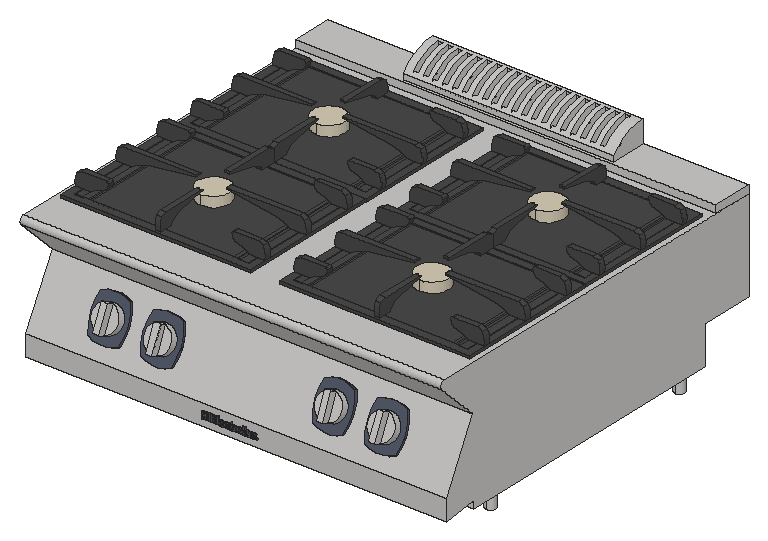
Revit family "QF_ELECTROLUXPROFESSIONAL_371167_E7GCGH4C0A", category Specialty Equipment, Revit 2018 (continued)
Definition of nested family "371009_BURNER"
  Reference planes
    plane 1 "BACK": y = 0
    plane 2: z = 0
    plane 3 "LEFT": x = 0
    plane 4 "RIGHT": x = 800
    plane 5 "FRONT": y = -700
    plane 6 "TOP": z = 908.85
    plane 7 "Center Y": x = 400
    plane 8 "Center X": y = -350
    plane 9 "Base": z = 150
    plane 10: z = 850.85
  Forms (mm)
    Extrusion 1, solid
      sketch origin (0, -734.127, 5) x (1, 0, 0) y (0, 0, -1)
        loop
          arc (7.142, -850.85) -> (6.739, -862.989) -> (9.761, -874.752) r 42.809
          line (9.761, -874.752) -> (19.961, -879.425) -> (157.339, -879.425)
          arc (157.339, -879.425) -> (158.533, -878.312) -> (157.506, -877.043) r 1.197
          line (157.506, -877.043) -> (64.848, -864.021)
          arc (64.848, -864.021) -> (50.111, -858.738) -> (36.589, -850.85) r 85.245
          line (36.589, -850.85) -> (7.142, -850.85)
        loop
          line (367.858, -850.85) -> (338.411, -850.85)
          arc (338.411, -850.85) -> (324.889, -858.738) -> (310.152, -864.021) r 85.245
          line (310.152, -864.021) -> (217.494, -877.043)
          arc (217.494, -877.043) -> (216.467, -878.312) -> (217.661, -879.425) r 1.197
          line (217.661, -879.425) -> (355.039, -879.425) -> (365.239, -874.752)
          arc (365.239, -874.752) -> (368.261, -862.989) -> (367.858, -850.85) r 42.809
      from 224.564 to 234.564
    Extrusion 2, solid
      sketch origin (0, -734.127, 5) x (1, 0, 0) y (0, 0, -1)
        loop
          arc (7.056, -850.85) -> (6.705, -862.948) -> (9.748, -874.663) r 42.876
          line (9.748, -874.663) -> (19.961, -879.425) -> (65.851, -879.425)
          arc (65.851, -879.425) -> (68.577, -878.352) -> (69.841, -875.709) r 4
          arc (69.841, -875.709) -> (68.75, -869.25) -> (64.816, -864.012) r 13.87
          arc (64.816, -864.012) -> (50.096, -858.731) -> (36.589, -850.85) r 85.245
          line (36.589, -850.85) -> (7.056, -850.85)
        loop
          line (367.944, -850.85) -> (338.411, -850.85)
          arc (338.411, -850.85) -> (324.904, -858.731) -> (310.184, -864.012) r 85.245
          arc (310.184, -864.012) -> (306.25, -869.25) -> (305.159, -875.709) r 13.87
          arc (305.159, -875.709) -> (306.423, -878.352) -> (309.149, -879.425) r 4
          line (309.149, -879.425) -> (355.039, -879.425) -> (365.252, -874.663)
          arc (365.252, -874.663) -> (368.295, -862.948) -> (367.944, -850.85) r 42.876
      from 127.064 to 137.064
    Extrusion 3, solid
      sketch origin (0, -275, 5) x (1, 0, 0) y (0, 0, 1)
        loop
          arc (64.816, 864.012) -> (68.75, 869.25) -> (69.841, 875.709) r 13.87
          arc (69.841, 875.709) -> (68.577, 878.352) -> (65.851, 879.425) r 4
          line (65.851, 879.425) -> (19.961, 879.425) -> (9.748, 874.663)
          arc (9.748, 874.663) -> (6.705, 862.948) -> (7.056, 850.85) r 42.876
          line (7.056, 850.85) -> (36.589, 850.85)
          arc (36.589, 850.85) -> (50.096, 858.731) -> (64.816, 864.012) r 85.245
        loop
          arc (310.184, 864.012) -> (324.904, 858.731) -> (338.411, 850.85) r 85.245
          line (338.411, 850.85) -> (367.944, 850.85)
          arc (367.944, 850.85) -> (368.295, 862.948) -> (365.252, 874.663) r 42.876
          line (365.252, 874.663) -> (355.039, 879.425) -> (309.149, 879.425)
          arc (309.149, 879.425) -> (306.423, 878.352) -> (305.159, 875.709) r 4
          arc (305.159, 875.709) -> (306.25, 869.25) -> (310.184, 864.012) r 13.87
      from 127.064 to 137.064
    Extrusion 4, solid
      sketch origin (454.964, -29.48, 5) x (0, -1, 0) y (0, 0, 1)
        loop
          arc (366.649, 850.85) -> (375.927, 861.743) -> (389.337, 866.736) r 28.426
          line (389.337, 866.736) -> (441.256, 877.043)
          arc (441.256, 877.043) -> (442.283, 878.312) -> (441.089, 879.425) r 1.197
          line (441.089, 879.425) -> (347.797, 879.425)
          arc (347.797, 879.425) -> (343.211, 875.934) -> (337.583, 874.694) r 13.39
          line (337.583, 874.694) -> (337.583, 850.85) -> (366.649, 850.85)
        loop
          arc (606.236, 850.85) -> (606.587, 862.948) -> (603.543, 874.663) r 42.876
          line (603.543, 874.663) -> (593.33, 879.425) -> (509.077, 879.425)
          arc (509.077, 879.425) -> (507.883, 878.312) -> (508.911, 877.043) r 1.197
          line (508.911, 877.043) -> (560.83, 866.736)
          arc (560.83, 866.736) -> (574.239, 861.743) -> (583.518, 850.85) r 28.426
          line (583.518, 850.85) -> (606.236, 850.85)
      from 262.464 to 272.464
    Extrusion 5, solid
      sketch origin (0, 0, 850.85) x (0, -1, 0) y (1, 0, 0)
        loop
          line (642.216, 6.433) -> (642.216, 368.567) -> (367.857, 368.567) -> (367.857, 6.433) -> (642.216, 6.433)
        loop
          line (382.857, 21.433) -> (627.216, 21.433) -> (627.216, 353.567) -> (382.857, 353.567) -> (382.857, 21.433)
      from 0 to 5
    Extrusion 6, solid
      sketch origin (-12.5, 0, 855.85) x (0, -1, 0) y (1, 0, 0)
        loop
          circle (504.356, 200) r 30
      from -1.321 to 17.134
    Extrusion 7, solid
      sketch origin (0, -734.127, 0) x (1, 0, 0) y (0, 0, -1)
        loop
          line (21.433, -855.85) -> (36.589, -855.85)
          arc (36.589, -855.85) -> (40.561, -855.243) -> (44.305, -853.783) r 18.259
          arc (44.305, -853.783) -> (45.997, -853.366) -> (47.69, -853.783) r 3.649
          arc (47.69, -853.783) -> (49.901, -854.522) -> (52.232, -854.529) r 7.328
          line (52.232, -854.529) -> (322.768, -854.529)
          arc (322.768, -854.529) -> (325.099, -854.522) -> (327.31, -853.783) r 7.328
          arc (327.31, -853.783) -> (329.003, -853.366) -> (330.695, -853.783) r 3.649
          arc (330.695, -853.783) -> (334.439, -855.243) -> (338.411, -855.85) r 18.259
          line (338.411, -855.85) -> (353.567, -855.85) -> (353.567, -850.85) -> (21.433, -850.85) -> (21.433, -855.85)
      from 106.911 to 351.27
  Lines and regions (mm)
    symbolic lines
      curve 1: line (6.433, -642.216, 150) -> (368.567, -642.216, 150)
      curve 2: line (6.433, -367.857, 150) -> (6.433, -642.216, 150)
      curve 3: line (368.567, -367.857, 150) -> (192.5, -367.857, 150)
      curve 4: line (368.567, -642.216, 150) -> (368.567, -367.857, 150)
      curve 5: line (353.567, -382.857, 150) -> (192.5, -382.857, 150)
      curve 6: line (353.567, -627.216, 150) -> (353.567, -607.064, 150)
      curve 7: line (21.433, -627.216, 150) -> (182.5, -627.216, 150)
      curve 8: line (21.433, -382.857, 150) -> (21.433, -402.064, 150)
      curve 9: line (52.232, -627.216, 150) -> (52.232, -607.064, 150)
      curve 10: line (322.567, -382.857, 150) -> (322.567, -402.064, 150)
      curve 11: line (148.125, -499.564, 150) -> (148.125, -382.857, 150)
      curve 12: line (154.375, -382.857, 150) -> (154.375, -499.564, 150)
      curve 13: arc (148.297, -509.564, 150) -> (159.191, -533.254, 150) -> (182.5, -544.942, 150) r 39.375
      curve 14: arc (220.42, -509.564, 150) -> (211.39, -528.832, 150) -> (192.5, -538.631, 150) r 33.125
      curve 15: line (220.625, -382.857, 150) -> (220.625, -499.564, 150)
      curve 16: line (226.875, -499.564, 150) -> (226.875, -382.857, 150)
      curve 17: line (192.5, -636.339, 150) -> (192.5, -535.619, 150)
      curve 18: arc (182.657, -474.75, 150) -> (166.195, -483.236, 150) -> (157.853, -499.771, 150) r 30
      curve 19: arc (192.224, -533.982, 150) -> (208.621, -525.661, 150) -> (217.084, -509.337, 150) r 30
      curve 20: line (368.567, -597.064, 150) -> (305.159, -597.064, 150)
      curve 21: line (6.433, -607.064, 150) -> (69.841, -607.064, 150)
      curve 22: line (6.433, -509.564, 150) -> (156.429, -509.564, 150)
      curve 23: line (368.567, -499.564, 150) -> (218.571, -499.564, 150)
      curve 24: line (6.433, -412.064, 150) -> (69.841, -412.064, 150)
      curve 25: line (368.567, -402.064, 150) -> (305.159, -402.064, 150)
      curve 26: line (69.841, -597.064, 150) -> (6.433, -597.064, 150)
      curve 27: line (305.159, -607.064, 150) -> (368.567, -607.064, 150)
      curve 28: line (69.841, -402.064, 150) -> (6.433, -402.064, 150)
      curve 29: line (305.159, -412.064, 150) -> (368.567, -412.064, 150)
      curve 30: arc (69.841, -597.064, 150) -> (74.841, -602.064, 150) -> (69.841, -607.064, 150) r 5
      curve 31: arc (305.159, -607.064, 150) -> (300.159, -602.064, 150) -> (305.159, -597.064, 150) r 5
      curve 32: arc (69.841, -402.064, 150) -> (74.841, -407.064, 150) -> (69.841, -412.064, 150) r 5
      curve 33: arc (305.159, -412.064, 150) -> (300.159, -407.064, 150) -> (305.159, -402.064, 150) r 5
      curve 34: line (21.433, -412.064, 150) -> (21.433, -499.564, 150)
      curve 35: line (52.232, -402.064, 150) -> (52.232, -382.857, 150)
      curve 36: line (21.433, -509.564, 150) -> (21.433, -597.064, 150)
      curve 37: line (52.232, -499.564, 150) -> (52.232, -412.064, 150)
      curve 38: line (52.232, -597.064, 150) -> (52.232, -509.564, 150)
      curve 39: line (21.433, -607.064, 150) -> (21.433, -627.216, 150)
      curve 40: line (322.567, -607.064, 150) -> (322.567, -627.216, 150)
      curve 41: line (353.567, -597.064, 150) -> (353.567, -509.564, 150)
      curve 42: line (322.567, -509.564, 150) -> (322.567, -597.064, 150)
      curve 43: line (353.567, -499.564, 150) -> (353.567, -412.064, 150)
      curve 44: line (353.567, -402.064, 150) -> (353.567, -382.857, 150)
      curve 45: line (322.567, -412.064, 150) -> (322.567, -499.564, 150)
      curve 46: line (156.429, -499.564, 150) -> (6.433, -499.564, 150)
      curve 47: line (218.571, -509.564, 150) -> (368.567, -509.564, 150)
      curve 48: arc (218.571, -499.564, 150) -> (213.571, -504.564, 150) -> (218.571, -509.564, 150) r 5
      curve 49: arc (156.429, -499.564, 150) -> (161.429, -504.564, 150) -> (156.429, -509.564, 150) r 5
      curve 50: arc (157.916, -509.337, 150) -> (166.379, -525.661, 150) -> (182.776, -533.982, 150) r 30
      curve 51: arc (217.147, -499.771, 150) -> (208.805, -483.236, 150) -> (192.343, -474.75, 150) r 30
      curve 52: line (182.5, -535.619, 150) -> (182.5, -636.339, 150)
      curve 53: line (192.5, -473.508, 150) -> (192.5, -367.064, 150)
      curve 54: arc (192.5, -535.619, 150) -> (187.5, -530.619, 150) -> (182.5, -535.619, 150) r 5
      curve 55: arc (192.5, -473.508, 150) -> (187.5, -478.508, 150) -> (182.5, -473.508, 150) r 5
      curve 56: line (182.5, -367.857, 150) -> (6.433, -367.857, 150)
      curve 57: line (182.5, -382.857, 150) -> (21.433, -382.857, 150)
      curve 58: arc (192.5, -404.571, 150) -> (196.398, -417.071, 150) -> (192.5, -429.571, 150) r 21.993
      curve 59: arc (196.181, -420.148, 150) -> (199.482, -417.071, 150) -> (196.181, -413.995, 150) r 3.084
      curve 60: arc (182.5, -404.571, 150) -> (178.602, -417.071, 150) -> (182.5, -429.571, 150) r 21.993
      curve 61: arc (178.819, -420.148, 150) -> (175.518, -417.071, 150) -> (178.819, -413.995, 150) r 3.084
      curve 62: line (182.5, -367.064, 150) -> (182.5, -473.508, 150)
      curve 63: arc (182.5, -538.631, 150) -> (163.61, -528.832, 150) -> (154.58, -509.564, 150) r 33.125
      curve 64: arc (192.5, -544.942, 150) -> (215.809, -533.254, 150) -> (226.703, -509.564, 150) r 39.375
      curve 65: line (182.5, -636.339, 150) -> (192.5, -636.339, 150)
      curve 66: line (182.5, -377.277, 150) -> (192.5, -377.277, 150)
      curve 67: line (182.5, -367.064, 150) -> (192.5, -367.064, 150)
      curve 68: line (192.5, -627.216, 150) -> (353.567, -627.216, 150)
  Dimensions and locks
    equal spacing: plane 3 "LEFT", plane 7 "Center Y", plane 4 "RIGHT"
    plane 3 "LEFT" to plane 4 "RIGHT" = 800 mm
    equal spacing: plane 5 "FRONT", plane 8 "Center X", plane 1 "BACK"
    plane 5 "FRONT" to plane 1 "BACK" = 700 mm
    plane 6 "TOP" to level = 908.85 mm
    plane 9 "Base" to level = 150 mm
    plane 6 "TOP" to plane 10 = 58 mm  (x2)
    aligned and locked: level to plane 2
  Automatic sketch dimensions
    Extrusion 5 sketch curve to Extrusion 5 sketch curve = 15 mm  (x2)
    Extrusion 5 sketch curve to Extrusion 5 sketch curve = 332.134 mm
    plane 3 "LEFT" to Extrusion 2 sketch curve = 7.056 mm
    plane 3 "LEFT" to Extrusion 2 sketch curve = 9.748 mm
    Extrusion 2 sketch curve to Extrusion 2 sketch curve = 10.213 mm  (x2)
    plane 10 to Extrusion 2 sketch curve = 5 mm  (x2)
    Extrusion 2 sketch curve to Extrusion 2 sketch curve = 29.533 mm
    Extrusion 2 sketch curve to Extrusion 2 sketch curve = 12.72 mm  (x2)
    Extrusion 2 sketch curve to Extrusion 2 sketch curve = 6.697 mm
    Extrusion 2 sketch curve to Extrusion 2 sketch curve = 8.81 mm
    Extrusion 2 sketch curve to Extrusion 2 sketch curve = 9.845 mm  (x2)
    Extrusion 2 sketch curve to Extrusion 2 sketch curve = 3.99 mm  (x2)
    Extrusion 2 sketch curve to Extrusion 2 sketch curve = 0 mm  (x2)
    Extrusion 2 sketch curve to Extrusion 2 sketch curve = 36.813 mm
    Extrusion 2 sketch curve to plane 7 "Center Y" = 111.122 mm
    Extrusion 2 sketch curve to plane 6 "TOP" = 28.141 mm
    Extrusion 2 sketch curve to plane 7 "Center Y" = 94.841 mm
    Extrusion 2 sketch curve to Extrusion 2 sketch curve = 1.035 mm
    Extrusion 2 sketch curve to Extrusion 2 sketch curve = 15.507 mm
    Extrusion 2 sketch curve to Extrusion 2 sketch curve = 16.628 mm
    Extrusion 2 sketch curve to Extrusion 2 sketch curve = 2.692 mm
    Extrusion 2 sketch curve to plane 6 "TOP" = 24.425 mm
    Extrusion 2 sketch curve to Extrusion 2 sketch curve = 28.575 mm
    Extrusion 2 sketch curve to Extrusion 2 sketch curve = 3.716 mm
    Extrusion 2 sketch curve to Extrusion 2 sketch curve = 4.763 mm  (x2)
    plane 3 "LEFT" to Extrusion 1 sketch curve = 7.142 mm
    plane 3 "LEFT" to Extrusion 1 sketch curve = 9.761 mm
    Extrusion 1 sketch curve to Extrusion 1 sketch curve = 10.201 mm  (x2)
    plane 10 to Extrusion 1 sketch curve = 5 mm  (x2)
    Extrusion 1 sketch curve to Extrusion 1 sketch curve = 29.447 mm
    Extrusion 1 sketch curve to Extrusion 1 sketch curve = 12.704 mm  (x2)
    Extrusion 1 sketch curve to Extrusion 1 sketch curve = 15.555 mm  (x2)
    Extrusion 1 sketch curve to Extrusion 1 sketch curve = 36.829 mm
    Extrusion 1 sketch curve to plane 6 "TOP" = 24.425 mm  (x2)
    Extrusion 1 sketch curve to Extrusion 1 sketch curve = 92.491 mm
    Extrusion 1 sketch curve to plane 6 "TOP" = 26.807 mm  (x2)
    Extrusion 1 sketch curve to Extrusion 1 sketch curve = 0.167 mm  (x2)
    Extrusion 1 sketch curve to Extrusion 1 sketch curve = 59.988 mm
    Extrusion 1 sketch curve to plane 7 "Center Y" = 111.122 mm
    plane 10 to Extrusion 1 sketch curve = 18.171 mm
    Extrusion 1 sketch curve to Extrusion 1 sketch curve = 21.274 mm
    Extrusion 1 sketch curve to Extrusion 1 sketch curve = 16.628 mm
    Extrusion 1 sketch curve to Extrusion 1 sketch curve = 2.618 mm
    Extrusion 1 sketch curve to Extrusion 1 sketch curve = 4.673 mm  (x2)
    Extrusion 1 sketch curve to Extrusion 1 sketch curve = 5.694 mm
    plane 3 "LEFT" to Extrusion 3 sketch curve = 7.056 mm
    plane 3 "LEFT" to Extrusion 3 sketch curve = 9.748 mm
    Extrusion 3 sketch curve to Extrusion 3 sketch curve = 10.213 mm  (x2)
    plane 10 to Extrusion 3 sketch curve = 5 mm  (x2)
    Extrusion 3 sketch curve to Extrusion 3 sketch curve = 29.533 mm
    Extrusion 3 sketch curve to Extrusion 3 sketch curve = 12.72 mm  (x2)
    Extrusion 3 sketch curve to Extrusion 3 sketch curve = 6.697 mm
    Extrusion 3 sketch curve to Extrusion 3 sketch curve = 8.81 mm
    Extrusion 3 sketch curve to Extrusion 3 sketch curve = 9.845 mm  (x2)
    Extrusion 3 sketch curve to Extrusion 3 sketch curve = 3.99 mm  (x2)
    Extrusion 3 sketch curve to Extrusion 3 sketch curve = 0 mm  (x2)
    Extrusion 3 sketch curve to Extrusion 3 sketch curve = 36.813 mm
    Extrusion 3 sketch curve to plane 7 "Center Y" = 111.122 mm
    Extrusion 3 sketch curve to plane 6 "TOP" = 28.141 mm
    Extrusion 3 sketch curve to plane 7 "Center Y" = 94.841 mm
    Extrusion 3 sketch curve to Extrusion 3 sketch curve = 1.035 mm
    Extrusion 3 sketch curve to Extrusion 3 sketch curve = 15.507 mm
    Extrusion 3 sketch curve to Extrusion 3 sketch curve = 16.628 mm
    Extrusion 3 sketch curve to Extrusion 3 sketch curve = 2.692 mm
    Extrusion 3 sketch curve to plane 10 = 64.377 mm  (x2)
    plane 10 to Extrusion 3 sketch curve = 12.281 mm  (x2)
    Extrusion 3 sketch curve to Extrusion 3 sketch curve = 10.713 mm
    Extrusion 5 to Extrusion 6 sketch curve = 121.499 mm
    Extrusion 5 to Extrusion 6 sketch curve = 166.067 mm
    plane 3 "LEFT" to Extrusion 5 sketch curve = 21.433 mm
    Extrusion 5 sketch curve to plane 5 "FRONT" = 72.784 mm
    plane 3 "LEFT" to Extrusion 7 sketch curve = 21.433 mm
    Extrusion 7 sketch curve to Extrusion 7 sketch curve = 14.402 mm
    plane 10 to Extrusion 7 sketch curve = 5 mm
    plane 10 to Extrusion 7 sketch curve = 2.933 mm  (x4)
    Extrusion 7 sketch curve to Extrusion 7 sketch curve = 7.716 mm  (x2)
    Extrusion 7 sketch curve to Extrusion 7 sketch curve = 0 mm  (x2)
    Extrusion 7 sketch curve to Extrusion 7 sketch curve = 1.692 mm  (x2)
    Extrusion 7 sketch curve to Extrusion 7 sketch curve = 3.385 mm  (x2)
    Extrusion 7 sketch curve to plane 10 = 3.559 mm  (x2)
    Extrusion 7 sketch curve to Extrusion 7 sketch curve = 302.478 mm
    Extrusion 7 sketch curve to Extrusion 7 sketch curve = 15.253 mm
    Extrusion 7 sketch curve to Extrusion 7 sketch curve = 15.156 mm  (x2)
    Extrusion 7 sketch curve to Extrusion 7 sketch curve = 3.233 mm
    Extrusion 7 sketch curve to plane 10 = 0 mm
    Extrusion 7 sketch curve to plane 7 "Center Y" = 77.232 mm
    Extrusion 5 sketch curve to plane 8 "Center X" = 32.857 mm
    plane 3 "LEFT" to Extrusion 5 sketch curve = 6.433 mm
    plane 1 "BACK" to Extrusion 5 sketch curve = 367.857 mm
    plane 10 to Extrusion 4 sketch curve = 5 mm  (x2)
    Extrusion 4 sketch curve to Extrusion 4 sketch curve = 29.066 mm
    Extrusion 4 sketch curve to Extrusion 4 sketch curve = 22.688 mm
    Extrusion 4 sketch curve to plane 10 = 7.392 mm  (x2)
    Extrusion 4 sketch curve to Extrusion 4 sketch curve = 25.583 mm
    Extrusion 4 sketch curve to plane 6 "TOP" = 24.425 mm  (x2)
    Extrusion 4 sketch curve to Extrusion 4 sketch curve = 51.752 mm
    Extrusion 4 sketch curve to Extrusion 4 sketch curve = 0.167 mm  (x2)
    Extrusion 4 sketch curve to plane 6 "TOP" = 26.807 mm
    Extrusion 4 sketch curve to Extrusion 4 sketch curve = 67.655 mm
    Extrusion 4 sketch curve to Extrusion 4 sketch curve = 49.024 mm
    Extrusion 4 sketch curve to Extrusion 4 sketch curve = 2.895 mm
    Extrusion 4 sketch curve to Extrusion 4 sketch curve = 3.153 mm
    Extrusion 4 sketch curve to Extrusion 4 sketch curve = 19.535 mm
    Extrusion 4 sketch curve to Extrusion 4 sketch curve = 9.813 mm
    Extrusion 4 sketch curve to Extrusion 4 sketch curve = 10.213 mm
    Extrusion 4 sketch curve to Extrusion 4 sketch curve = 22.718 mm
    Extrusion 4 sketch curve to Extrusion 4 sketch curve = 8.605 mm
    Extrusion 4 sketch curve to Extrusion 4 sketch curve = 4.731 mm
    Extrusion 4 sketch curve to Extrusion 4 sketch curve = 2.382 mm
    Extrusion 4 sketch curve to Extrusion 4 sketch curve = 8.658 mm
    Extrusion 4 sketch curve to plane 8 "Center X" = 17.064 mm
    curve 13 to curve 14 = 0 mm  (x2)
    curve 13 to curve 63 = 0 mm  (x2)
    curve 13 to curve 64 = 0 mm  (x2)
    curve 18 to curve 19 = 0 mm  (x2)
    curve 18 to curve 50 = 0 mm  (x2)
    curve 18 to curve 51 = 0 mm  (x2)
    curve 25 to plane 7 "Center Y" = 31.433 mm
    curve 3 to curve 44 = 15 mm
    curve 43 to curve 44 = 0 mm
    curve 1 to curve 68 = 15 mm
    curve 41 to curve 43 = 0 mm
    curve 6 to curve 40 = 31 mm
    curve 41 to curve 42 = 31 mm
    curve 43 to curve 45 = 31 mm
    curve 10 to curve 45 = 0 mm
    curve 40 to curve 27 = 17.408 mm
    curve 45 to curve 29 = 17.408 mm
    curve 16 to curve 64 = 0.172 mm
    curve 16 to curve 15 = 6.25 mm
    curve 64 to curve 14 = 6.283 mm
    curve 15 to curve 23 = 2.054 mm
    curve 23 to curve 51 = 1.424 mm
    curve 47 to curve 19 = 1.487 mm
    curve 15 to curve 60 = 20.029 mm
    curve 60 to curve 59 = 4.198 mm
    curve 59 to curve 59 = 0.216 mm  (x2)
    curve 19 to curve 64 = 24.584 mm
    curve 55 to curve 51 = 0.157 mm
    curve 54 to curve 19 = 0.276 mm
    curve 19 to curve 64 = 4.724 mm
    curve 18 to curve 13 = 0 mm
    curve 54 to curve 54 = 5 mm
    curve 50 to curve 54 = 0.276 mm
    curve 18 to curve 55 = 0.157 mm
    curve 60 to curve 61 = 3.681 mm
    curve 61 to curve 61 = 0 mm
    curve 61 to curve 61 = 0.216 mm
    curve 61 to curve 58 = 4.198 mm
    curve 13 to curve 50 = 29.584 mm
    curve 50 to curve 18 = 0.064 mm
    curve 50 to curve 22 = 1.487 mm
    curve 22 to curve 63 = 1.849 mm
    curve 49 to curve 12 = 2.054 mm
    curve 63 to curve 13 = 6.283 mm
    curve 12 to curve 11 = 6.25 mm
    plane 3 "LEFT" to curve 30 = 69.841 mm
    plane 3 "LEFT" to curve 28 = 69.841 mm
    plane 3 "LEFT" to curve 38 = 52.232 mm
    curve 24 to curve 37 = 17.609 mm
    curve 9 to curve 38 = 0 mm
    curve 28 to curve 35 = 17.609 mm
    plane 3 "LEFT" to curve 39 = 21.433 mm
    plane 3 "LEFT" to curve 8 = 21.433 mm
    curve 34 to curve 8 = 0 mm
    curve 36 to curve 34 = 0 mm
    plane 3 "LEFT" to curve 21 = 6.433 mm
    curve 67 to curve 56 = 0.794 mm
    curve 67 to curve 3 = 0.794 mm
    curve 56 to curve 66 = 9.419 mm
    curve 10 to curve 33 = 19.206 mm
    curve 8 to curve 8 = 19.206 mm
    curve 57 to curve 60 = 21.714 mm
    curve 60 to curve 58 = 0 mm
    curve 28 to curve 32 = 5 mm
    curve 33 to curve 33 = 5 mm
    curve 58 to curve 59 = 9.423 mm
    curve 61 to curve 58 = 3.077 mm
    curve 60 to curve 62 = 43.937 mm
    curve 51 to curve 15 = 24.814 mm
    curve 23 to curve 51 = 0.207 mm
    curve 18 to curve 13 = 1.529 mm
    curve 38 to curve 38 = 87.5 mm
    curve 42 to curve 31 = 87.5 mm
    curve 26 to curve 30 = 5 mm
    curve 31 to curve 31 = 5 mm
    curve 9 to curve 9 = 20.152 mm
    curve 65 to plane 5 "FRONT" = 63.661 mm
    curve 6 to curve 4 = 15 mm
    curve 55 to curve 55 = 5 mm
    curve 53 to curve 18 = 5 mm
    curve 45 to curve 16 = 95.692 mm
    curve 2 to curve 57 = 15 mm
    curve 10 to plane 8 "Center X" = 32.857 mm
    curve 57 to plane 8 "Center X" = 32.857 mm
    curve 6 to curve 68 = 20.152 mm
    radius of Extrusion 6 sketch curve = 30 mm
